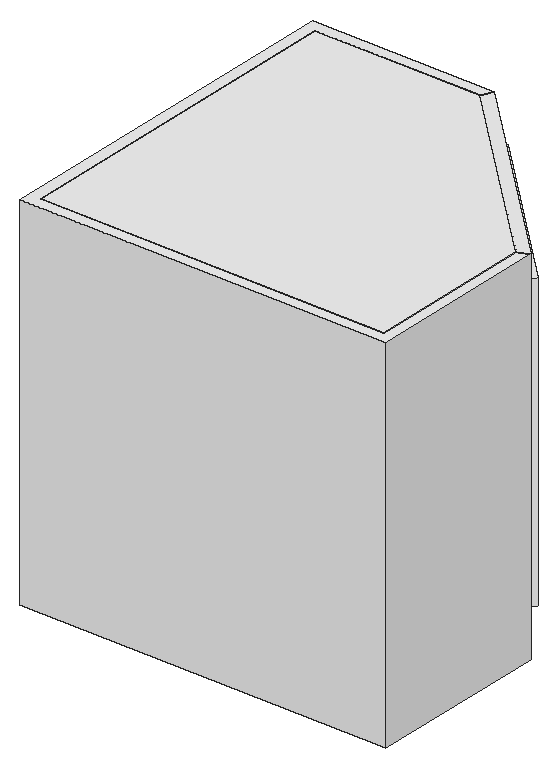
Revit family "M_Armário superior-Unidade de canto-Parede", category Componentes de gabinete, Revit 2019
Family settings
  Hospedeiro = Parede
  Número OmniClass = 23.40.35.17.47.11
  Título OmniClass = Kitchen Casework
  ID de item do Seek = Upper Cabinet-Corner Unit-Wall-0000-CAN-ENU
  Sempre na vertical = Sim
  Corte com vazios quando carregada = Não
  Compartilhado = Não
  Ponto de cálculo do ambiente = Não
Parameters (values of type "300mm")
  Material do armário = none
  Linear = 300 mm
  Material da porta/gaveta = none
  Altura = 600 mm
  Topo da cabine = 2000 mm
  Width = 0 mm
Reference planes
  plane 1: y = 0
  plane 2: x = 258.371
  plane 3: x = -41.629
  plane 4: z = 1400
  plane 5: z = 2000
  plane 6: y = 376.2
  plane 7: y = 76.2
  plane 8: z = 1700
  plane 9: y = 681
  plane 10: x = 563.171
  plane 11: z = 1942.85
Forms (mm)
  Extrusion 1, solid, material <- "Material do armário"
    sketch origin (0, 0, 1400) x (0, 1, 0) y (1, 0, 0)
      loop
        line (76.2, -41.629) -> (681, -41.629) -> (681, 258.371) -> (661.95, 250.48) -> (661.95, -22.579) -> (95.25, -22.579) -> (95.25, 544.121) -> (368.309, 544.121) -> (376.2, 563.171) -> (76.2, 563.171) -> (76.2, -41.629)
    from 0 to -600
  Extrusion 2, solid, material <- "Material do armário"
    sketch origin (0, 0, 1400) x (0, 1, 0) y (1, 0, 0)
      loop
        line (95.25, -22.579) -> (661.95, -22.579) -> (661.95, 250.48) -> (368.309, 544.121) -> (95.25, 544.121) -> (95.25, -22.579)
    from 0 to -25.4
  Extrusion 3, solid, material <- "Material do armário"
    sketch origin (0, 0, 2000) x (0, 1, 0) y (1, 0, 0)
      loop
        line (661.95, 250.48) -> (368.309, 544.121) -> (95.25, 544.121) -> (95.25, -22.579) -> (661.95, -22.579) -> (661.95, 250.48)
    from 0 to 25.4
  Extrusion 4, solid, material <- "Material do armário"
    sketch origin (0, 0, 1400) x (0, 1, 0) y (1, 0, 0)
      loop
        line (661.95, 250.48) -> (681, 258.371) -> (376.2, 563.171) -> (368.309, 544.121) -> (661.95, 250.48)
    from 0 to -600
  Extrusion 5, void
    sketch origin (0, 0, 1400) x (1, 0, 0) y (0, 1, 0)
      loop
        line (272.612, 639.818) -> (521.99, 390.441) -> (535.46, 403.911) -> (286.082, 653.289) -> (272.612, 639.818)
    from 57.15 to 542.85
  Extrusion 6, solid, material <- "Material da porta/gaveta"
    sketch origin (0, 0, 1400) x (0, 1, 0) y (1, 0, 0)
      loop
        line (644.309, 277.102) -> (662.269, 295.063) -> (412.891, 544.44) -> (394.931, 526.48) -> (644.309, 277.102)
    from -57.15 to -542.85
Cuts and joins
  Extrusion 5 cuts Extrusion 1
  Extrusion 5 cuts Extrusion 2
  Extrusion 5 cuts Extrusion 3
  Extrusion 5 cuts Extrusion 4
Lines and regions (mm)
  symbolic lines, style "Rep. da planta - Acima"
    curve 1: line (-41.629, 76.2, 1400) -> (-41.629, 681, 1400)
    curve 2: line (-41.629, 681, 1400) -> (258.371, 681, 1400)
    curve 3: line (258.371, 681, 1400) -> (563.171, 376.2, 1400)
    curve 4: line (563.171, 376.2, 1400) -> (563.171, 76.2, 1400)
    curve 5: line (563.171, 76.2, 1400) -> (-41.629, 76.2, 1400)
Text (mm)
  text "Lado da colocação" at (0, 1019.848, 3124.603), in view "Direita"
  text "Lado da colocação" at (-1434.409, 1026.573, 0), in view "Linha do piso"
  text "Lado da colocação" at (0, 1206.291, 3169.834), in view "Esquerda"
Dimensions and locks
  "Linear": plane 3 to plane 2
  "Altura": plane 4 to plane 5
  equal spacing: plane 4, plane 8, plane 5
  "Linear": plane 6 to plane 7
  locked: plane 2 to plane 10 at 304.8
  locked: plane 6 to plane 9 at 304.8
  locked: plane 11 to plane 5 at 57.15
  "Topo da cabine": level to plane 5
  aligned and locked: plane 7 to host wall
  aligned and locked: Extrusion 1 to plane 5
  aligned and locked: Extrusion 4 to plane 5
  aligned and locked: Extrusion 5 to plane 11
  aligned and locked: Extrusion 6 to plane 11
Automatic sketch dimensions
  Extrusion 1 sketch curve to host wall = 0 mm
  Extrusion 1 sketch curve to plane 6 = 0 mm
  Extrusion 1 sketch curve to plane 2 = 0 mm
  Extrusion 1 sketch curve to plane 9 = 0 mm
  Extrusion 1 sketch curve to plane 10 = 0 mm
  Extrusion 1 sketch curve to plane 3 = 0 mm
  host wall to Extrusion 1 sketch curve = 19.05 mm
  Extrusion 1 sketch curve to plane 6 = 7.891 mm
  Extrusion 1 sketch curve to Extrusion 1 sketch curve = 19.05 mm
  plane 3 to Extrusion 1 sketch curve = 19.05 mm
  host wall to Extrusion 2 sketch curve = 19.05 mm
  Extrusion 2 sketch curve to plane 6 = 7.891 mm
  Extrusion 2 sketch curve to plane 2 = 7.891 mm
  plane 9 to Extrusion 2 sketch curve = 19.05 mm
  plane 10 to Extrusion 2 sketch curve = 19.05 mm
  plane 3 to Extrusion 2 sketch curve = 19.05 mm
  host wall to Extrusion 3 sketch curve = 19.05 mm
  Extrusion 3 sketch curve to plane 6 = 7.891 mm
  plane 3 to Extrusion 3 sketch curve = 19.05 mm
  plane 9 to Extrusion 3 sketch curve = 19.05 mm
  Extrusion 3 sketch curve to plane 2 = 7.891 mm
  plane 10 to Extrusion 3 sketch curve = 19.05 mm
  plane 10 to Extrusion 1 sketch curve = 19.05 mm
  Extrusion 1 sketch curve to plane 2 = 7.891 mm
  Extrusion 4 sketch curve to plane 6 = 0 mm
  Extrusion 4 sketch curve to plane 2 = 0 mm
  Extrusion 4 sketch curve to plane 9 = 0 mm
  Extrusion 4 sketch curve to plane 10 = 0 mm
  Extrusion 4 sketch curve to plane 6 = 7.891 mm
  Extrusion 4 sketch curve to plane 2 = 7.891 mm
  plane 9 to Extrusion 4 sketch curve = 19.05 mm
  plane 10 to Extrusion 4 sketch curve = 19.05 mm
  curve 5 to plane 3 = 0 mm
  curve 2 to plane 2 = 0 mm
  curve 4 to plane 10 = 0 mm
  curve 1 to host wall = 0 mm
  curve 3 to plane 6 = 0 mm
  curve 2 to plane 9 = 0 mm
  plane 2 to Extrusion 5 sketch curve = 14.241 mm
  plane 9 to Extrusion 5 sketch curve = 27.711 mm
  plane 2 to Extrusion 5 sketch curve = 27.711 mm
  plane 6 to Extrusion 5 sketch curve = 14.241 mm
  plane 10 to Extrusion 5 sketch curve = 41.182 mm
  plane 6 to Extrusion 6 sketch curve = 18.731 mm
  plane 10 to Extrusion 6 sketch curve = 18.731 mm
  Extrusion 6 sketch curve to Extrusion 6 sketch curve = 17.961 mm  (x2)
  plane 9 to Extrusion 6 sketch curve = 36.691 mm
